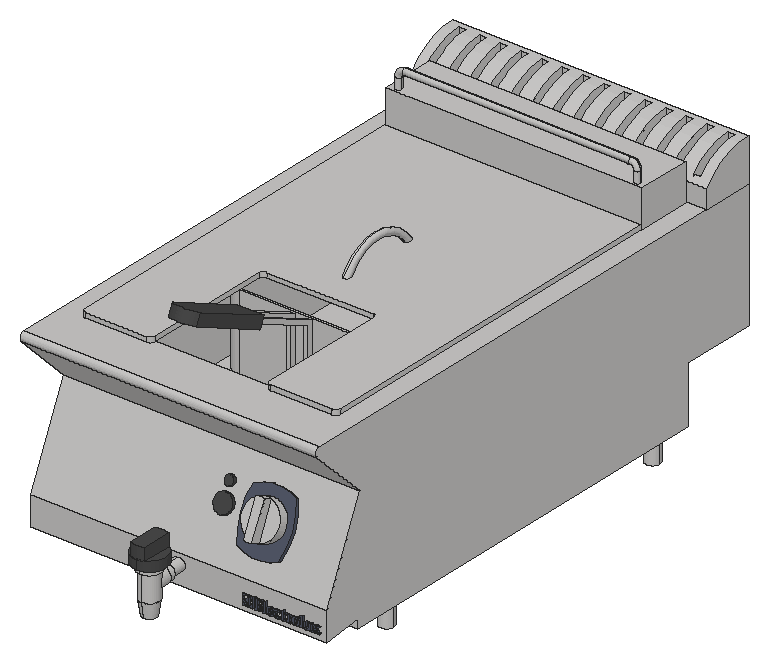
Revit family "QF_ELECTROLUXPROFESSIONAL_371079_E7FRED1E00", category Specialty Equipment, Revit 2018 (continued)
Automatic sketch dimensions
  Extrusion 31 sketch curve to Extrusion 31 sketch curve = 0.896 mm  (x3)
  Extrusion 31 sketch curve to Extrusion 31 sketch curve = 0.036 mm
  Extrusion 31 sketch curve to Extrusion 31 sketch curve = 2.607 mm
  Extrusion 31 sketch curve to Extrusion 31 sketch curve = 0.066 mm
  Extrusion 31 sketch curve to Extrusion 31 sketch curve = 0.248 mm
  Extrusion 31 sketch curve to Extrusion 31 sketch curve = 0.449 mm
  Extrusion 31 sketch curve to Extrusion 31 sketch curve = 1.052 mm
  Extrusion 31 sketch curve to Extrusion 31 sketch curve = 1.863 mm
  Extrusion 31 sketch curve to Extrusion 31 sketch curve = 1.31 mm  (x2)
  Extrusion 31 sketch curve to Extrusion 31 sketch curve = 0.901 mm
  Extrusion 31 sketch curve to Extrusion 31 sketch curve = 1.107 mm
  Extrusion 31 sketch curve to Extrusion 31 sketch curve = 2.122 mm
  Extrusion 31 sketch curve to Extrusion 31 sketch curve = 2.101 mm
  Extrusion 31 sketch curve to Extrusion 31 sketch curve = 0.106 mm
  Extrusion 31 sketch curve to Extrusion 31 sketch curve = 0.029 mm
  Extrusion 31 sketch curve to Extrusion 31 sketch curve = 2.09 mm
  Extrusion 31 sketch curve to Extrusion 31 sketch curve = 1.279 mm
  Extrusion 31 sketch curve to Extrusion 31 sketch curve = 2.008 mm
  Extrusion 31 sketch curve to Extrusion 31 sketch curve = 0.738 mm
  Extrusion 31 sketch curve to Extrusion 31 sketch curve = 0.382 mm
  Extrusion 31 sketch curve to Extrusion 31 sketch curve = 0.384 mm
  Extrusion 31 sketch curve to Extrusion 31 sketch curve = 0.002 mm
  Extrusion 31 sketch curve to Extrusion 31 sketch curve = 0.561 mm
  Extrusion 31 sketch curve to Extrusion 31 sketch curve = 0.592 mm
  Extrusion 31 sketch curve to Extrusion 31 sketch curve = 2.692 mm
  Extrusion 31 sketch curve to Extrusion 31 sketch curve = 1.259 mm
  Extrusion 31 sketch curve to Extrusion 31 sketch curve = 0.802 mm
  Extrusion 31 sketch curve to Extrusion 31 sketch curve = 1.024 mm  (x2)
  Extrusion 31 sketch curve to Extrusion 31 sketch curve = 0.682 mm
  Extrusion 31 sketch curve to Extrusion 31 sketch curve = 5.934 mm
  Extrusion 31 sketch curve to Extrusion 31 sketch curve = 2.186 mm
  Extrusion 31 sketch curve to Extrusion 31 sketch curve = 0.337 mm
  Extrusion 31 sketch curve to Extrusion 31 sketch curve = 0.021 mm
  Extrusion 31 sketch curve to Extrusion 31 sketch curve = 1.005 mm
  Extrusion 31 sketch curve to Extrusion 31 sketch curve = 0.552 mm
  Extrusion 31 sketch curve to Extrusion 31 sketch curve = 0.778 mm
  Extrusion 31 sketch curve to Extrusion 31 sketch curve = 0.063 mm
  Extrusion 31 sketch curve to Extrusion 31 sketch curve = 1.023 mm
  Extrusion 31 sketch curve to Extrusion 31 sketch curve = 3.804 mm
  Extrusion 31 sketch curve to Extrusion 31 sketch curve = 0.486 mm
  Extrusion 31 sketch curve to Extrusion 31 sketch curve = 0.266 mm
  Extrusion 31 sketch curve to Extrusion 31 sketch curve = 1.547 mm
  Extrusion 31 sketch curve to Extrusion 31 sketch curve = 0.717 mm  (x2)
  Extrusion 31 sketch curve to Extrusion 31 sketch curve = 1.667 mm
  Extrusion 31 sketch curve to Extrusion 31 sketch curve = 3.174 mm
  Extrusion 31 sketch curve to Extrusion 31 sketch curve = 0.388 mm
  Extrusion 31 sketch curve to Extrusion 31 sketch curve = 1.342 mm
  Extrusion 31 sketch curve to plane 4 "RIGHT" = 10.974 mm
  Extrusion 31 sketch curve to Extrusion 31 sketch curve = 1.521 mm
  Extrusion 31 sketch curve to plane 4 "RIGHT" = 9.415 mm
  Extrusion 31 sketch curve to Extrusion 31 sketch curve = 0.124 mm
  Extrusion 31 sketch curve to Extrusion 31 sketch curve = 0.291 mm
  Extrusion 31 sketch curve to Extrusion 31 sketch curve = 1.049 mm  (x2)
  Extrusion 31 sketch curve to Extrusion 31 sketch curve = 1.7 mm
  Extrusion 31 sketch curve to Extrusion 31 sketch curve = 0.894 mm
  Extrusion 31 sketch curve to Extrusion 31 sketch curve = 0.989 mm
  Extrusion 31 sketch curve to Extrusion 31 sketch curve = 1.168 mm
  Extrusion 31 sketch curve to Extrusion 31 sketch curve = 1.594 mm
  Extrusion 31 sketch curve to Extrusion 31 sketch curve = 0.731 mm
  Extrusion 31 sketch curve to Extrusion 31 sketch curve = 1.566 mm
  Extrusion 31 sketch curve to Extrusion 31 sketch curve = 0.064 mm
  Extrusion 31 sketch curve to Extrusion 31 sketch curve = 0.556 mm  (x2)
  Extrusion 31 sketch curve to Extrusion 31 sketch curve = 0.48 mm
  Extrusion 31 sketch curve to Extrusion 31 sketch curve = 1.018 mm
  Extrusion 31 sketch curve to Extrusion 31 sketch curve = 0.787 mm
  Extrusion 31 sketch curve to Extrusion 31 sketch curve = 0.618 mm
  Extrusion 31 sketch curve to Extrusion 31 sketch curve = 1.672 mm
  Extrusion 31 sketch curve to plane 4 "RIGHT" = 7.673 mm
  Extrusion 31 sketch curve to Extrusion 31 sketch curve = 1.361 mm
  Extrusion 31 sketch curve to Extrusion 31 sketch curve = 0.822 mm
  Extrusion 31 sketch curve to Extrusion 31 sketch curve = 0.069 mm
  Extrusion 31 sketch curve to Extrusion 31 sketch curve = 1.88 mm
  Extrusion 31 sketch curve to Extrusion 31 sketch curve = 0.42 mm
  Extrusion 31 sketch curve to Extrusion 31 sketch curve = 0.062 mm
  Extrusion 31 sketch curve to Extrusion 31 sketch curve = 1.355 mm
  Extrusion 31 sketch curve to Extrusion 31 sketch curve = 2.34 mm
  Extrusion 31 sketch curve to Extrusion 31 sketch curve = 0.493 mm
  Extrusion 31 sketch curve to Extrusion 31 sketch curve = 0.136 mm
  Extrusion 31 sketch curve to Extrusion 31 sketch curve = 0.128 mm
  Extrusion 31 sketch curve to Extrusion 31 sketch curve = 3.616 mm
  Extrusion 31 sketch curve to Extrusion 31 sketch curve = 4.207 mm
  Extrusion 31 sketch curve to Extrusion 31 sketch curve = 0.183 mm
  Extrusion 31 sketch curve to Extrusion 31 sketch curve = 0.895 mm
  Extrusion 31 sketch curve to Extrusion 31 sketch curve = 1.314 mm
  Extrusion 31 sketch curve to Extrusion 31 sketch curve = 3.231 mm
  Extrusion 31 sketch curve to Extrusion 31 sketch curve = 1.299 mm
  Extrusion 31 sketch curve to Extrusion 31 sketch curve = 1.214 mm
  Extrusion 31 sketch curve to Extrusion 31 sketch curve = 1.264 mm
  Extrusion 31 sketch curve to Extrusion 31 sketch curve = 0.109 mm
  Extrusion 31 sketch curve to Extrusion 31 sketch curve = 0.357 mm
  Extrusion 31 sketch curve to Extrusion 31 sketch curve = 0.565 mm
  Extrusion 31 sketch curve to Extrusion 31 sketch curve = 2.504 mm
  Extrusion 31 sketch curve to Extrusion 31 sketch curve = 2.459 mm
  Extrusion 31 sketch curve to Extrusion 31 sketch curve = 0.983 mm
  Extrusion 31 sketch curve to Extrusion 31 sketch curve = 0.422 mm  (x2)
  Extrusion 31 sketch curve to Extrusion 31 sketch curve = 0.494 mm
  Extrusion 31 sketch curve to Extrusion 31 sketch curve = 3.927 mm
  Extrusion 31 sketch curve to Extrusion 31 sketch curve = 0.782 mm
  Extrusion 31 sketch curve to Extrusion 31 sketch curve = 1.268 mm
  Extrusion 31 sketch curve to Extrusion 31 sketch curve = 0.671 mm
  Extrusion 31 sketch curve to Extrusion 31 sketch curve = 0.777 mm
  Extrusion 31 sketch curve to Extrusion 31 sketch curve = 0.704 mm
  Extrusion 31 sketch curve to Extrusion 31 sketch curve = 0.781 mm  (x2)
  Extrusion 31 sketch curve to Extrusion 31 sketch curve = 1.634 mm
  Extrusion 31 sketch curve to Extrusion 31 sketch curve = 0.132 mm
  Extrusion 31 sketch curve to Extrusion 31 sketch curve = 3.136 mm
  Extrusion 31 sketch curve to Extrusion 31 sketch curve = 2.422 mm
  Extrusion 31 sketch curve to Extrusion 31 sketch curve = 0.586 mm
  Extrusion 31 sketch curve to Extrusion 31 sketch curve = 2.046 mm  (x2)
  Extrusion 31 sketch curve to Extrusion 31 sketch curve = 1.241 mm
  Extrusion 31 sketch curve to Extrusion 31 sketch curve = 1.689 mm
  Extrusion 31 sketch curve to Extrusion 31 sketch curve = 2.859 mm
  Extrusion 31 sketch curve to Extrusion 31 sketch curve = 0.627 mm
  Extrusion 31 sketch curve to Extrusion 31 sketch curve = 0.863 mm
  Extrusion 31 sketch curve to Extrusion 31 sketch curve = 0.419 mm
  Extrusion 31 sketch curve to Extrusion 31 sketch curve = 1.514 mm
  Extrusion 31 sketch curve to Extrusion 31 sketch curve = 1.019 mm
  Extrusion 31 sketch curve to Extrusion 31 sketch curve = 0.065 mm
  Extrusion 31 sketch curve to Extrusion 31 sketch curve = 1.215 mm
  Extrusion 31 sketch curve to Extrusion 31 sketch curve = 2.708 mm
  Extrusion 31 sketch curve to Extrusion 31 sketch curve = 1.122 mm
  Extrusion 31 sketch curve to Extrusion 31 sketch curve = 1.153 mm
  Extrusion 31 sketch curve to Extrusion 31 sketch curve = 3.009 mm
  Extrusion 31 sketch curve to Extrusion 31 sketch curve = 0.829 mm  (x2)
  Extrusion 31 sketch curve to Extrusion 31 sketch curve = 0.934 mm
  Extrusion 31 sketch curve to Extrusion 31 sketch curve = 3.376 mm
  Extrusion 31 sketch curve to Extrusion 31 sketch curve = 0.222 mm
  Extrusion 31 sketch curve to Extrusion 31 sketch curve = 1.383 mm
  Extrusion 31 sketch curve to Extrusion 31 sketch curve = 1.556 mm
  Extrusion 31 sketch curve to Extrusion 31 sketch curve = 2.559 mm
  Extrusion 31 sketch curve to Extrusion 31 sketch curve = 2.51 mm
  Extrusion 31 sketch curve to Extrusion 31 sketch curve = 0.131 mm
  Extrusion 31 sketch curve to Extrusion 31 sketch curve = 1.717 mm
  Extrusion 31 sketch curve to Extrusion 31 sketch curve = 1.134 mm
  Extrusion 31 sketch curve to Extrusion 31 sketch curve = 0.366 mm
  Extrusion 31 sketch curve to Extrusion 31 sketch curve = 0.094 mm
  Extrusion 31 sketch curve to Extrusion 31 sketch curve = 1.584 mm
  Extrusion 31 sketch curve to Extrusion 31 sketch curve = 1.501 mm
  Extrusion 31 sketch curve to Extrusion 31 sketch curve = 0.27 mm
  Extrusion 31 sketch curve to Extrusion 31 sketch curve = 1.808 mm
  Extrusion 31 sketch curve to Extrusion 31 sketch curve = 0.643 mm
  Extrusion 31 sketch curve to Extrusion 31 sketch curve = 0.916 mm
  Extrusion 31 sketch curve to Extrusion 31 sketch curve = 0.352 mm
  Extrusion 31 sketch curve to Extrusion 31 sketch curve = 0.458 mm
  Extrusion 31 sketch curve to Extrusion 31 sketch curve = 1.282 mm
  Extrusion 31 sketch curve to Extrusion 31 sketch curve = 1.363 mm
  Extrusion 31 sketch curve to Extrusion 31 sketch curve = 0.685 mm
  Extrusion 31 sketch curve to Extrusion 31 sketch curve = 0.905 mm
  Extrusion 31 sketch curve to Extrusion 31 sketch curve = 2.865 mm
  Extrusion 31 sketch curve to Extrusion 31 sketch curve = 0.472 mm
  Extrusion 31 sketch curve to Extrusion 31 sketch curve = 0.101 mm
  Extrusion 31 sketch curve to Extrusion 31 sketch curve = 0.54 mm
  Extrusion 31 sketch curve to Extrusion 31 sketch curve = 0.02 mm
  Extrusion 31 sketch curve to Extrusion 31 sketch curve = 0.468 mm
  Extrusion 31 sketch curve to Extrusion 31 sketch curve = 0.582 mm
  Extrusion 31 sketch curve to Extrusion 31 sketch curve = 0.166 mm
  Extrusion 31 sketch curve to Extrusion 31 sketch curve = 0.16 mm
  Extrusion 31 sketch curve to Extrusion 31 sketch curve = 2.781 mm
  Extrusion 31 sketch curve to Extrusion 31 sketch curve = 1.118 mm
  Extrusion 31 sketch curve to Extrusion 31 sketch curve = 0.613 mm
  Extrusion 31 sketch curve to Extrusion 31 sketch curve = 0.361 mm
  Extrusion 31 sketch curve to Extrusion 31 sketch curve = 0.897 mm
  Extrusion 31 sketch curve to Extrusion 31 sketch curve = 0.167 mm
  Extrusion 31 sketch curve to Extrusion 31 sketch curve = 0.292 mm
  Extrusion 31 sketch curve to Extrusion 31 sketch curve = 0.305 mm
  Extrusion 31 sketch curve to Extrusion 31 sketch curve = 1.557 mm
  Extrusion 31 sketch curve to Extrusion 31 sketch curve = 2.499 mm
  Extrusion 31 sketch curve to Extrusion 31 sketch curve = 3.062 mm
  Extrusion 31 sketch curve to Extrusion 31 sketch curve = 2.968 mm
  Extrusion 31 sketch curve to Extrusion 31 sketch curve = 5.044 mm
  Extrusion 31 sketch curve to Extrusion 31 sketch curve = 0.629 mm  (x2)
  Extrusion 31 sketch curve to Extrusion 31 sketch curve = 1.131 mm
  Extrusion 31 sketch curve to Extrusion 31 sketch curve = 0.137 mm
  Extrusion 31 sketch curve to Extrusion 31 sketch curve = 0.027 mm
  Extrusion 31 sketch curve to Extrusion 31 sketch curve = 2.235 mm
  Extrusion 32 sketch curve to plane 4 "RIGHT" = 72.285 mm
  Extrusion 32 sketch curve to Extrusion 32 sketch curve = 0 mm
  Extrusion 32 sketch curve to Extrusion 32 sketch curve = 12.3 mm  (x3)
  Extrusion 32 sketch curve to Extrusion 32 sketch curve = 34.925 mm  (x2)
  Extrusion 32 sketch curve to Extrusion 32 sketch curve = 45.146 mm
  Extrusion 32 sketch curve to Extrusion 32 sketch curve = 0.044 mm
  Extrusion 32 sketch curve to Extrusion 32 sketch curve = 25.683 mm
  Extrusion 32 sketch curve to Extrusion 32 sketch curve = 28.575 mm
  Extrusion 1 to Extrusion 37 sketch curve = 26.988 mm  (x2)
  Extrusion 37 sketch curve to Extrusion 1 = 204.047 mm
  Extrusion 37 sketch curve to Extrusion 37 sketch curve = 50 mm
  curve 76 to curve 108 = 0 mm
  curve 110 to curve 107 = 10.711 mm
  radius of Sweep 5 sketch curve = 4.353 mm
  radius of Extrusion 33 sketch curve = 25.4 mm
  radius of Extrusion 34 sketch curve to Extrusion 33 = 0 mm  (x2)
  radius of Extrusion 35 sketch curve = 6.35 mm
  radius of Extrusion 36 sketch curve = 12.7 mm
  radius of Sweep 6 sketch curve = 3.827 mm
  radius of Extrusion 21 sketch curve = 9.525 mm  (x4)
  radius of Extrusion 24 sketch curve to Revolve 22 = 0 mm  (x2)
  radius of Extrusion 25 sketch curve = 12.7 mm
Connectors
  electrical at (336.5, -88.9, 59.306), driven by "Volts", driven by "Watts"
    settings: on Extrusion 25, index 1, voltage 400 V, apparent load 8700 VA, apparent load phase1 0 VA, apparent load phase2 0 VA, apparent load phase3 0 VA, power factor 1, load classification "Other", number of poles 1, system type 30, power factor state 1, is connector primary yes, connector utility no, sub classification motor no, connector description "Electrical Connection"
